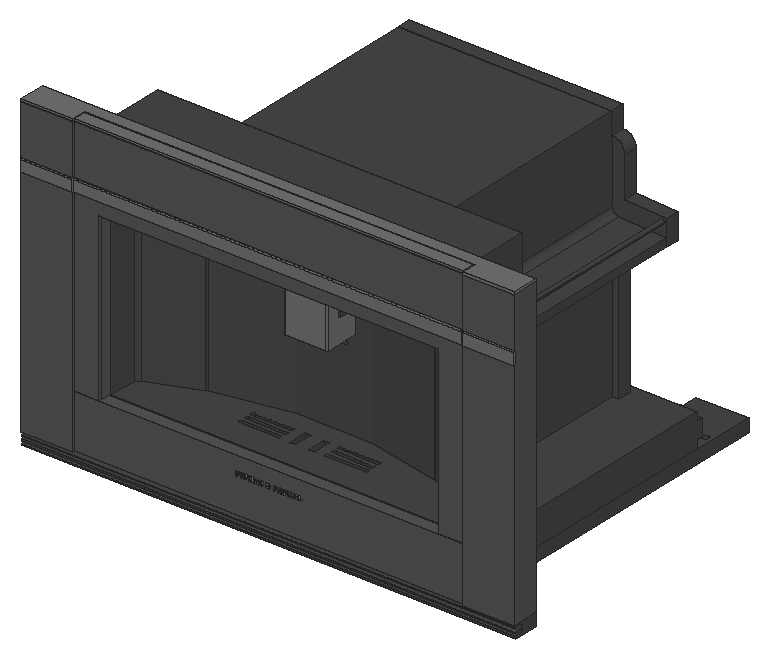
Revit family "FP_Revit_18_EB24DSXBB1_w_TK30NDBB1_Coffee_Maker_w_30in_Trimkit_90000808A", category Specialty Equipment, Revit 2018
Family settings
  Round Connector Dimension = Use Diameter
  Part Type = Normal
  OmniClass Number = 23.40.40.14.17.31
  OmniClass Title = Small Specialized Cooking Equipment
  Work Plane-Based = No
  Always vertical = Yes
  Cut with Voids When Loaded = Yes
  Shared = No
  Room Calculation Point = No
Parameters (values of type "EB24DSXBB1 + TK30NDBB1")
  Visibility - Clearance Required = yes
  URL = "www.fisherpaykel.com"
  Product - Width = 757 mm  # constant formula
  Product - Height = 478 mm  # constant formula
  Product - Depth = 614 mm  # constant formula
  Model = "EB24DSXBB1 + TK30NDBB1"
  Material - Trim = Fisher & Paykel - Aluminium, Dark
  Material - Glass = Fisher & Paykel - Glass, Black
  Material - Body = Fisher & Paykel - Black
  Manufacturer = "Fisher & Paykel Appliances"
  FFL Offset [instance] = 900 mm
  Description = "24\" Coffee Maker + 30\" Trimkit"
  Connector Description - Electrical = "120 V, 60 Hz, 11.25 A"
  Chassis - Width = 560 mm  # constant formula
  Chassis - Height = 446 mm  # constant formula
  Chassis - Depth = 540 mm  # constant formula
  Cavity - Width = 560 mm  # constant formula
  Cavity - Height = 480 mm  # constant formula
  Cavity - Depth = 560 mm  # constant formula
Reference planes
  plane 1 "Center (Front/Back)": y = 0
  plane 2: z = 0
  plane 3 "Center (Left/Right)": x = 0
  plane 4: z = 1380
  plane 5: z = 1378
  plane 6 "Product LHS": x = -378.5
  plane 7 "Product RHS": x = 378.5
  plane 8 "Product - Depth": y = 0
  plane 9 "Cavity LHS": x = -380
  plane 10 "Cavity RHS": x = 380
  plane 11 "Cavity - Depth": y = 560
  plane 12 "Front Face": y = -41.5
  plane 13 "Chassis - Height": z = 0
  plane 14 "Product Depth": y = 540
  plane 15 "FFL Offset": z = 900
Forms (mm)
  Extrusion 1, void
    sketch origin (0, 0, 0) x (0, 1, 0) y (0, 0, 1)
      loop
        line (-41.5, 1380) -> (-41.5, 900) -> (0, 900) -> (0, 1380) -> (-41.5, 1380)
    from -380 to 380
  Extrusion 2, void
    sketch origin (0, 0, 0) x (0, 1, 0) y (0, 0, 1)
      loop
        line (560, 1370) -> (0, 1370) -> (0, 900) -> (560, 900) -> (560, 1370)
    from -280 to 280
Text (mm)
  text "Due to ongoing product development, product details are subject to change without notice. \nPlease always refer to www.fisherpaykel.com for the most current product information. \n© Fisher & Paykel 2020" at (41.04, -413.295, 0), in view "Ref. Level (Plan)"
Dimensions and locks
  equal spacing: plane 6 "Product LHS", plane 3 "Center (Left/Right)", plane 7 "Product RHS"
  "Product - Width": plane 6 "Product LHS" to plane 7 "Product RHS"
  equal spacing: plane 9 "Cavity LHS", plane 3 "Center (Left/Right)", plane 10 "Cavity RHS"
  locked: plane 9 "Cavity LHS" to plane 10 "Cavity RHS" at 760
  plane 12 "Front Face" to plane 1 "Center (Front/Back)" = 41.5 mm
  "Chassis - Depth": plane 1 "Center (Front/Back)" to plane 14 "Product Depth"
  "FFL Offset": plane 15 "FFL Offset" to level
  "Cavity - Depth": plane 1 "Center (Front/Back)" to plane 11 "Cavity - Depth"
  "Product - Height": plane 5 to plane 15 "FFL Offset"
  "Cavity - Height": plane 4 to plane 15 "FFL Offset"
  "Cavity - Width": Extrusion 2 to Extrusion 2
  aligned and locked: level to plane 2
  aligned and locked: plane 15 "FFL Offset" to nested 2
  aligned and locked: nested 2 to plane 8 "Product - Depth"
  aligned and locked: plane 12 "Front Face" to nested 2
  aligned and locked: plane 12 "Front Face" to Extrusion 1 sketch curve
  aligned and locked: Extrusion 1 sketch curve to plane 8 "Product - Depth"
  aligned and locked: plane 15 "FFL Offset" to Extrusion 1 sketch curve
  aligned and locked: Extrusion 1 sketch curve to plane 4
  aligned and locked: Extrusion 1 to plane 10 "Cavity RHS"
  aligned and locked: plane 9 "Cavity LHS" to Extrusion 1
  aligned and locked: Extrusion 2 sketch curve to plane 8 "Product - Depth"
  aligned and locked: Extrusion 2 sketch curve to plane 15 "FFL Offset"
  aligned and locked: plane 11 "Cavity - Depth" to Extrusion 2 sketch curve
  aligned and locked: Extrusion 2 sketch curve to nested 2
Nested families
  nested 1: "FP_Revit_18_EB24DSXBB1_Coffee_Maker_90000808A" at (0, -19.5, 20), FFL Offset <- "FFL Offset", type "EB24DSXBB1"
    with FFL Offset 900 mm
  nested 2: "FP_Revit_18_TK30ND_Trimkits_90001187A" at (0, 0, 0), FFL Offset <- "FFL Offset", type "TK30NDBB1"
    with FFL Offset 900 mm
Connectors
  electrical at (95.857, 411.31, 1063), driven by "Connector Description - Electrical"
    settings: on nested 1, index 1, voltage 120 V, apparent load 0 VA, apparent load phase1 0 VA, apparent load phase2 0 VA, apparent load phase3 0 VA, power factor 1, load classification "Other", number of poles 1, system type 30, power factor state 1, is connector primary yes, connector utility no, sub classification motor no, connector description "120 V, 60 Hz, 11.25 A"
Definition of nested family "FP_Revit_18_EB24DSXBB1_Coffee_Maker_90000808A"
  Parameters (values of type "EB24DSXB1")
    Visibility - Clearance Required = yes
    URL = "www.fisherpaykel.com"
    Product - Width = 596 mm  # constant formula
    Product - Height = 458 mm  # constant formula
    Product - Depth = 480 mm  # constant formula
    Model = "EB24DSXB1"
    Material - Trim = none
    Material - Glass = none
    Material - Body = none
    Manufacturer = "Fisher & Paykel Appliances"
    FFL Offset [instance] = 860 mm
    Description = "24cm Coffee Maker"
    Connector Description - Electrical = "120 V, 60 Hz, 11.25 A"
    Chassis - Width = 560 mm  # constant formula
    Chassis - Height = 445 mm  # constant formula
    Chassis - Depth = 460 mm  # constant formula
    Cavity - Width = 600 mm  # constant formula
    Cavity - Height = 460 mm  # constant formula
    Cavity - Depth = 545 mm  # constant formula
  Types (4, lengths in mm): name | Model | Description | Connector Description - Electrical
    EB60DSXBB1 | "EB60DSXBB1" | "60cm Coffee Maker" | "220-240 V, 50 Hz, 6.1 A"
    EB60DSXB2 | "EB60DSXB2" | "60cm Coffee Maker" | "220-240 V, 50 Hz, 6.1 A"
    EB24DSXBB1 | "EB24DSXBB1" | "24cm Coffee Maker" | "120 V, 60 Hz, 11.25 A"
    EB24DSXB1 | "EB24DSXB1" | "24cm Coffee Maker" | "120 V, 60 Hz, 11.25 A"
  Reference planes
    plane 1 "Center (Front/Back)": y = 0
    plane 2: z = 0
    plane 3 "Center (Left/Right)": x = 0
    plane 4: z = 1320
    plane 5: z = 1318
    plane 6 "Product LHS": x = -298
    plane 7 "Product RHS": x = 298
    plane 8 "Cavity LHS": x = -300
    plane 9 "Cavity RHS": x = 300
    plane 10 "Cavity - Depth": y = 545
    plane 11 "Front Face": y = -20
    plane 12 "Product Depth": y = 460
    plane 13 "FFL Offset": z = 860
  Forms (mm)
    Extrusion 1, solid, material <- "Material - Glass", detail levels fine
      sketch origin (0, 0, 915) x (0, 1, 0) y (0, 0, 1)
        loop
          line (0, -54) -> (0, 400) -> (-18.19, 400)
          arc (-18.19, 400) -> (-19.179, 399.792) -> (-20, 399.202) r 2.451
          line (-20, 399.202) -> (-20, 28.9) -> (-13, 28.9) -> (-13, 27.85) -> (-20, 27.85) -> (-20, -54) -> (0, -54)
      from -298 to 298
    Extrusion 2, solid, material <- "Material - Trim", detail levels fine
      sketch origin (0, 0, 0) x (0, 1, 0) y (0, 0, 1)
        loop
          line (0, 1318) -> (-20, 1318) -> (-20, 1315) -> (0, 1315) -> (0, 1318)
      from -298 to 298
    Extrusion 3, solid, material <- "Material - Trim", detail levels fine
      sketch origin (0, 0, 915) x (0, 1, 0) y (0, 0, 1)
        loop
          line (-20, 303) -> (-20, 322.8) -> (-20.827, 322.8) -> (-21.702, 320.52) -> (-21.702, 303) -> (-20, 303)
      from -298 to 298
    Extrusion 4, solid, material <- "Material - Body"
      sketch origin (0, 0, 0) x (0, 1, 0) y (0, 0, 1)
        loop
          line (116.01, 911.9) -> (116.01, 1305) -> (0, 1305) -> (0, 860) -> (450.02, 860) -> (450.02, 872.9) -> (460, 872.9) -> (460, 898.96) -> (450.02, 898.96) -> (450.02, 911.9) -> (116.01, 911.9)
      from -280 to 280
    Extrusion 5, solid, material <- "Material - Body", detail levels fine
      sketch origin (0, 0, 915) x (1, 0, 0) y (0, 0, 1)
        loop
          circle (255.488, 264.858) r 3
        loop
          arc (187.564, 248.08) -> (180.801, 250.881) -> (178, 257.644) r 9.564
          line (178, 257.644) -> (178, 390) -> (-150, 390) -> (-150, 258.403)
          arc (-150, 258.403) -> (-152.821, 251.442) -> (-159.691, 248.408) r 10
          line (-159.691, 248.408) -> (-261.967, 245.247) -> (-261.967, 232.285) -> (-159.605, 228.24)
          arc (-159.605, 228.24) -> (-152.791, 225.178) -> (-150, 218.248) r 10
          line (-150, 218.248) -> (-150, -3.1) -> (178, -3.1) -> (178, 219.061)
          arc (178, 219.061) -> (180.801, 225.824) -> (187.564, 228.625) r 9.564
          line (187.564, 228.625) -> (261.48, 231.852) -> (261.48, 244.856) -> (187.564, 248.08)
        loop
          circle (-255.488, 265.27) r 3
      from -415.81 to -116.01
    Extrusion 6, solid, material <- "Material - Body", detail levels fine
      sketch origin (0, 0, 0) x (1, 0, 0) y (0, 0, 1)
        loop
          line (261.48, 1185.549) -> (197.977, 1189.414) -> (197.977, 1250.8)
          arc (197.977, 1250.8) -> (192.126, 1264.926) -> (178, 1270.777) r 19.977
          line (178, 1270.777) -> (178, 1305) -> (-150.023, 1305) -> (-150.023, 1270.366)
          arc (-150.023, 1270.366) -> (-164.149, 1264.514) -> (-170, 1250.389) r 19.977
          line (-170, 1250.389) -> (-170, 1189.558) -> (-261.967, 1185.943) -> (-261.967, 1147.299) -> (-170, 1143.699) -> (-170, 860) -> (-120, 860) -> (-120, 1262.538) -> (145.224, 1262.538) -> (145.224, 911.9) -> (188.072, 911.9) -> (188.072, 1143.699) -> (261.48, 1146.905) -> (261.48, 1185.549)
      from -436.81 to -415.81
    Extrusion 7, void
      sketch origin (0, 0, 0) x (1, 0, 0) y (0, 1, 0)
        loop
          line (-261, -20.25) -> (261, -20.25) -> (261, -16.15) -> (258.097, 43.307)
          arc (258.097, 43.307) -> (256.532, 47.844) -> (252.912, 50.994) r 9.287
          arc (252.912, 50.994) -> (215.2, 66.982) -> (176.484, 80.359) r 600.007
          line (176.484, 80.359) -> (176.484, 87.818) -> (173.853, 87.818) -> (173.853, 81.162)
          arc (173.853, 81.162) -> (0, 106.902) -> (-173.853, 81.162) r 600.007
          line (-173.853, 81.162) -> (-173.853, 87.818) -> (-176.484, 87.818) -> (-176.484, 80.359)
          arc (-176.484, 80.359) -> (-215.2, 66.982) -> (-252.912, 50.994) r 600.007
          arc (-252.912, 50.994) -> (-256.532, 47.844) -> (-258.097, 43.307) r 9.287
          line (-258.097, 43.307) -> (-261, -16.15) -> (-261, -20.25)
      from 942.8 to 1197.8
    Extrusion 8, void
      sketch origin (0, 0, 0) x (1, 0, 0) y (0, 1, 0)
        loop
          arc (-96.162, 73.7) -> (-99.162, 70.7) -> (-96.162, 67.7) r 3
          line (-96.162, 67.7) -> (-36.788, 67.7)
          arc (-36.788, 67.7) -> (-33.788, 70.7) -> (-36.788, 73.7) r 3
          line (-36.788, 73.7) -> (-96.162, 73.7)
        loop
          arc (-96.162, 61.7) -> (-99.162, 58.7) -> (-96.162, 55.7) r 3
          line (-96.162, 55.7) -> (-36.788, 55.7)
          arc (-36.788, 55.7) -> (-33.788, 58.7) -> (-36.788, 61.7) r 3
          line (-36.788, 61.7) -> (-96.162, 61.7)
        loop
          arc (-96.162, 49.7) -> (-99.162, 46.7) -> (-96.162, 43.7) r 3
          line (-96.162, 43.7) -> (-36.788, 43.7)
          arc (-36.788, 43.7) -> (-33.788, 46.7) -> (-36.788, 49.7) r 3
          line (-36.788, 49.7) -> (-96.162, 49.7)
        loop
          line (-19.49, 73.102) -> (-19.49, 44.102) -> (-10.49, 44.102) -> (-10.49, 73.102) -> (-19.49, 73.102)
        loop
          line (96.162, 73.7) -> (36.788, 73.7)
          arc (36.788, 73.7) -> (33.788, 70.7) -> (36.788, 67.7) r 3
          line (36.788, 67.7) -> (96.162, 67.7)
          arc (96.162, 67.7) -> (99.162, 70.7) -> (96.162, 73.7) r 3
        loop
          line (96.162, 61.7) -> (36.788, 61.7)
          arc (36.788, 61.7) -> (33.788, 58.7) -> (36.788, 55.7) r 3
          line (36.788, 55.7) -> (96.162, 55.7)
          arc (96.162, 55.7) -> (99.162, 58.7) -> (96.162, 61.7) r 3
        loop
          line (96.162, 49.7) -> (36.788, 49.7)
          arc (36.788, 49.7) -> (33.788, 46.7) -> (36.788, 43.7) r 3
          line (36.788, 43.7) -> (96.162, 43.7)
          arc (96.162, 43.7) -> (99.162, 46.7) -> (96.162, 49.7) r 3
        loop
          line (19.49, 73.102) -> (10.49, 73.102) -> (10.49, 44.102) -> (19.49, 44.102) -> (19.49, 73.102)
      from 932.9 to 942.8
    Extrusion 9, solid, material <- "Material - Body"
      sketch origin (0, 0, 0) x (1, 0, 0) y (0, 1, 0)
        loop
          line (-238.877, 57.3) -> (238.036, 57.3) -> (238.036, 116.01) -> (-238.877, 116.01) -> (-238.877, 57.3)
      from 1171.8 to 1197.8
    Extrusion 10, solid, material <- "Material - Trim"
      sketch origin (0, 0, 0) x (1, 0, 0) y (0, 1, 0)
        loop
          line (-33, 105.99) -> (-33, 52.807)
          arc (-33, 52.807) -> (-32.412, 51.388) -> (-30.993, 50.8) r 2.007
          line (-30.993, 50.8) -> (31, 50.8)
          arc (31, 50.8) -> (32.414, 51.386) -> (33, 52.8) r 2
          line (33, 52.8) -> (33, 105.99) -> (-33, 105.99)
      from 1083.8 to 1183.5
    Extrusion 11, void
      sketch origin (0, 0, 0) x (1, 0, 0) y (0, 0, 1)
        loop
          line (-19.5, 1083.8) -> (-19.5, 1061.827) -> (19.5, 1061.827) -> (19.5, 1083.8) -> (-19.5, 1083.8)
      from -115 to -105
    Extrusion 12, solid, material <- "Material - Body", detail levels fine
      sketch origin (0, 0, 0) x (1, 0, 0) y (0, 0, 1)
        loop
          line (45.9, 1172.885) -> (45.9, 1163.535) -> (47.549, 1163.535) -> (47.549, 1147.911)
          arc (47.549, 1147.911) -> (55.35, 1140.11) -> (63.15, 1147.911) r 7.801
          line (63.15, 1147.911) -> (63.15, 1163.235) -> (73.436, 1163.235) -> (73.436, 1172.885) -> (45.9, 1172.885)
      from -106.934 to -61.01
    Extrusion 13, solid, material <- "Material - Body", detail levels fine
      sketch origin (0, 0, 915) x (1, 0, 0) y (0, 0, 1)
        loop
          line (53.653, 257.885) -> (53.653, 225.297)
          arc (53.653, 225.297) -> (55.35, 225.11) -> (57.047, 225.297) r 7.805
          line (57.047, 225.297) -> (57.047, 257.885) -> (53.653, 257.885)
      from -61.01 to -47.51
    Extrusion 14, solid, material <- "Material - Body", detail levels fine
      sketch origin (0, 0, 915) x (1, 0, 0) y (0, 0, 1)
        loop
          line (115.224, 76.056) -> (75.224, 76.056) -> (75.224, 21.056) -> (115.224, 21.056) -> (115.224, 76.056)
      from -417 to -415.81
    Extrusion 15, solid, material <- "Material - Body", detail levels fine
      sketch origin (0, 0, 915) x (1, 0, 0) y (0, 0, 1)
        loop
          line (107.224, 68.056) -> (83.224, 68.056) -> (83.224, 29.056) -> (107.224, 29.056) -> (107.224, 68.056)
      from -436.81 to -417
    Extrusion 16, solid, material <- "Material - Body", detail levels fine
      sketch origin (0, 0, 0) x (1, 0, 0) y (0, 1, 0)
        loop
          circle (95.857, 430.81) r 5
      from 983.056 to 1003
    Extrusion 17, void
      sketch origin (0, 0, 915) x (0, 1, 0) y (0, 0, 1)
        loop
          line (445.9, -19.903) -> (0, -19.903) -> (0, -55) -> (445.9, -55) -> (445.9, -19.903)
      from -54 to 54
    Extrusion 18, solid, detail levels fine
      sketch origin (0, 0, 0) x (1, 0, 0) y (0, 1, 0)
        loop
          line (-210.55, 31.63) -> (-210.55, 5.8) -> (-193.27, 5.8) -> (-193.27, 31.63) -> (-210.55, 31.63)
        loop
          line (-203.25, 13.924) -> (-203.25, 14.725)
          arc (-203.25, 14.725) -> (-201.75, 22.856) -> (-200.25, 14.725) r 4.204
          line (-200.25, 14.725) -> (-200.25, 13.924)
          arc (-200.25, 13.924) -> (-201.75, 23.687) -> (-203.25, 13.924) r 4.997
        loop
          line (-202.15, 17.61) -> (-202.15, 12.8) -> (-201.35, 12.8) -> (-201.35, 17.61) -> (-202.15, 17.61)
      from 1196.9 to 1197.8
    Extrusion 19, solid, visible <- "Visibility - Clearance Required", detail levels coarse
      sketch origin (0, 0, 0) x (1, 0, 0) y (0, 1, 0)
        loop
          line (-300, 0) -> (-300, -20) -> (300, -20) -> (300, 0) -> (-300, 0)
      from 860 to 1320
    Extrusion 20, solid, visible <- "Visibility - Clearance Required", detail levels coarse
      sketch origin (0, 0, 0) x (1, 0, 0) y (0, 1, 0)
        loop
          line (-280, 0) -> (280, 0) -> (280, 545) -> (-280, 545) -> (-280, 0)
      from 860 to 1310
    Extrusion 21, solid, material <- "Material - Body", detail levels coarse+medium
      sketch origin (0, -20, 915) x (-1, 0, 0) y (0, 0, 1)
        loop
          line (-197.977, 274.414) -> (-261.48, 274.414) -> (-261.48, 228.699) -> (-188.072, 228.699) -> (-188.072, -3.1) -> (170, -3.1) -> (170, 228.699) -> (261.967, 228.699) -> (261.967, 274.558) -> (170, 274.558) -> (170, 390.05) -> (-197.977, 390.05) -> (-197.977, 274.414)
      from 136.01 to 456.81
    Extrusion 22, solid, material <- "Material - Glass", detail levels coarse+medium
      sketch origin (0, 0, 915) x (1, 0, 0) y (0, 0, 1)
        loop
          line (-298, -54) -> (298, -54) -> (298, 403) -> (-298, 403) -> (-298, -54)
        loop
          line (261, 282.85) -> (-261, 282.85) -> (-261, 27.85) -> (261, 27.85) -> (261, 282.85)
      from 0 to 20
    Extrusion 23, void
      sketch origin (0, 0, 0) x (1, 0, 0) y (0, 1, 0)
        loop
          line (-280, 545) -> (-280, 0) -> (280, 0) -> (280, 545) -> (-280, 545)
      from 860 to 1310
    Extrusion 24, void
      sketch origin (0, 0, 0) x (1, 0, 0) y (0, 1, 0)
        loop
          line (-300, 0) -> (-300, -20) -> (300, -20) -> (300, 0) -> (-300, 0)
      from 860 to 1320
  Cuts and joins
    Extrusion 7 cuts Extrusion 1
    Extrusion 7, Extrusion 8, Extrusion 11, Extrusion 17 cuts Extrusion 4
    joined: Extrusion 4, Extrusion 9
  Lines and regions (mm)
    model lines, detail levels medium+fine
      curve 1: line (-47, -20, 1293.952) -> (47, -20, 1293.952)
      curve 2: line (-47, -20, 1240.952) -> (-47, -20, 1293.952)
      curve 3: line (47, -20, 1240.952) -> (-47, -20, 1240.952)
      curve 4: line (47, -20, 1293.952) -> (47, -20, 1240.952)
  Text (mm)
    text "Due to ongoing product development, product details are subject to change without notice. \nPlease always refer to www.fisherpaykel.com for the most current product information. \n© Fisher & Paykel 2020" at (41.04, -248.295, 0), in view "Ref. Level (Plan)"
  Dimensions and locks
    equal spacing: plane 6 "Product LHS", plane 3 "Center (Left/Right)", plane 7 "Product RHS"
    "Product - Width": plane 6 "Product LHS" to plane 7 "Product RHS"
    equal spacing: plane 8 "Cavity LHS", plane 3 "Center (Left/Right)", plane 9 "Cavity RHS"
    "Cavity - Width": plane 8 "Cavity LHS" to plane 9 "Cavity RHS"
    "Cavity - Depth": plane 10 "Cavity - Depth" to plane 1 "Center (Front/Back)"
    plane 11 "Front Face" to plane 1 "Center (Front/Back)" = 20 mm
    "Chassis - Depth": plane 1 "Center (Front/Back)" to plane 12 "Product Depth"
    "Product - Depth": plane 12 "Product Depth" to plane 11 "Front Face"
    "Chassis - Width": cut or joined group of Extrusion 4, Extrusion 7, Extrusion 8, Extrusion 9, Extrusion 11, Extrusion 17 to cut or joined group of Extrusion 4, Extrusion 7, Extrusion 8, Extrusion 9, Extrusion 11, Extrusion 17
    "FFL Offset": plane 13 "FFL Offset" to level
    "Chassis - Height": cut or joined group of Extrusion 4, Extrusion 7, Extrusion 8, Extrusion 9, Extrusion 11, Extrusion 17 to plane 13 "FFL Offset"
    "Product - Height": plane 5 to plane 13 "FFL Offset"
    "Cavity - Height": plane 4 to plane 13 "FFL Offset"
    locked: Extrusion 23 to plane 13 "FFL Offset" at 450
    locked: plane 5 to Extrusion 21 at 12.95
    locked: Extrusion 3 to plane 13 "FFL Offset" at 358
    locked: plane 13 "FFL Offset" to cut or joined group of Extrusion 1, Extrusion 7 at 1
    locked: plane 13 "FFL Offset" to cut or joined group of Extrusion 4, Extrusion 7, Extrusion 8, Extrusion 9, Extrusion 11, Extrusion 17 at 82.8
    locked: plane 13 "FFL Offset" to Extrusion 22 sketch curve at 337.85
    locked: cut or joined group of Extrusion 4, Extrusion 7, Extrusion 8, Extrusion 9, Extrusion 11, Extrusion 17 to plane 13 "FFL Offset" at 337.8
    locked: cut or joined group of Extrusion 4, Extrusion 7, Extrusion 8, Extrusion 9, Extrusion 11, Extrusion 17 to plane 13 "FFL Offset" at 51.9
    locked: plane 5 to Extrusion 3 at 100
    locked: plane 5 to Extrusion 22 at 120.15
    locked: plane 5 to Extrusion 22 at 375.15
    locked: Extrusion 16 to plane 13 "FFL Offset" at 143
    locked: cut or joined group of Extrusion 4, Extrusion 7, Extrusion 8, Extrusion 9, Extrusion 11, Extrusion 17 to cut or joined group of Extrusion 4, Extrusion 7, Extrusion 8, Extrusion 9, Extrusion 11, Extrusion 17 at 9.9
    locked: nested 1 to plane 13 "FFL Offset" at 61.04
    locked: Extrusion 10 to plane 13 "FFL Offset" at 323.5
    locked: Extrusion 10 to plane 13 "FFL Offset" at 223.8
    locked: cut or joined group of Extrusion 4, Extrusion 7, Extrusion 8, Extrusion 9, Extrusion 11, Extrusion 17 to plane 13 "FFL Offset" at 201.827
    locked: cut or joined group of Extrusion 4, Extrusion 7, Extrusion 8, Extrusion 9, Extrusion 11, Extrusion 17 to plane 13 "FFL Offset" at 311.8
    locked: Extrusion 12 to plane 13 "FFL Offset" at 312.885
    locked: Extrusion 22 to Extrusion 18 at 0.95
    locked: plane 5 to Extrusion 23 at 8
    locked: Extrusion 17 sketch curve to plane 13 "FFL Offset" at 35.097
    plane 5 to curve 3 = 77.048 mm
    locked: plane 5 to curve 1 at 24.048
    locked: Extrusion 15 to plane 13 "FFL Offset" at 84.056
    locked: Extrusion 15 to plane 13 "FFL Offset" at 123.056
    locked: plane 5 to curve 3 at 77.048
    aligned and locked: level to plane 2
    aligned and locked: Extrusion 3 to plane 7 "Product RHS"
    aligned and locked: plane 6 "Product LHS" to Extrusion 3
    aligned and locked: Extrusion 2 to plane 7 "Product RHS"
    aligned and locked: plane 6 "Product LHS" to Extrusion 2
    aligned and locked: plane 6 "Product LHS" to Extrusion 1
    aligned and locked: Extrusion 1 to plane 7 "Product RHS"
    aligned and locked: plane 9 "Cavity RHS" to Extrusion 19 sketch curve
    aligned and locked: Extrusion 19 sketch curve to plane 8 "Cavity LHS"
    aligned and locked: plane 1 "Center (Front/Back)" to Extrusion 19 sketch curve
    aligned and locked: Extrusion 5 to cut or joined group of Extrusion 4, Extrusion 7, Extrusion 8, Extrusion 9, Extrusion 11, Extrusion 17
    aligned and locked: Extrusion 5 to Extrusion 4
    aligned and locked: Extrusion 6 to Extrusion 5
    aligned and locked: plane 4 to Extrusion 24
    aligned and locked: plane 5 to Extrusion 2
    aligned and locked: Extrusion 24 to Extrusion 19
    aligned and locked: plane 5 to Extrusion 22 sketch curve
    aligned and locked: Extrusion 21 to Extrusion 5
    aligned and locked: Extrusion 5 to Extrusion 6
    aligned and locked: Extrusion 8 to Extrusion 7
    aligned and locked: Extrusion 11 to Extrusion 10
    aligned and locked: cut or joined group of Extrusion 1, Extrusion 7 to Extrusion 18
    aligned and locked: Extrusion 19 to Extrusion 17
    aligned and locked: plane 13 "FFL Offset" to Extrusion 4 sketch curve
    aligned and locked: Extrusion 4 to Extrusion 17
    aligned and locked: Extrusion 23 to cut or joined group of Extrusion 4, Extrusion 7, Extrusion 8, Extrusion 9, Extrusion 11, Extrusion 17
    aligned and locked: cut or joined group of Extrusion 4, Extrusion 7, Extrusion 8, Extrusion 9, Extrusion 11, Extrusion 17 to Extrusion 6
    aligned and locked: Extrusion 24 to cut or joined group of Extrusion 4, Extrusion 7, Extrusion 8, Extrusion 9, Extrusion 11, Extrusion 17
    aligned and locked: Extrusion 20 to Extrusion 23
    aligned and locked: Extrusion 20 to Extrusion 6
    aligned and locked: Extrusion 7 to Extrusion 9
    aligned and locked: Extrusion 16 to Extrusion 15
  Automatic sketch dimensions
    Extrusion 3 sketch curve to Extrusion 3 sketch curve = 17.52 mm
    Extrusion 3 sketch curve to Extrusion 3 sketch curve = 0.875 mm
    Extrusion 3 sketch curve to Extrusion 3 sketch curve = 0.827 mm
    Extrusion 3 sketch curve to Extrusion 3 sketch curve = 2.28 mm
    Extrusion 7 sketch curve to Extrusion 7 sketch curve = 0 mm  (x4)
    Extrusion 7 sketch curve to plane 3 "Center (Left/Right)" = 0 mm
    Extrusion 7 sketch curve to plane 6 "Product LHS" = 124.147 mm
    Extrusion 7 sketch curve to Extrusion 7 sketch curve = 2.63 mm  (x2)
    Extrusion 7 sketch curve to plane 6 "Product LHS" = 49.167 mm
    Extrusion 7 sketch curve to Extrusion 7 sketch curve = 9.264 mm  (x2)
    Extrusion 7 sketch curve to plane 6 "Product LHS" = 37 mm
    plane 7 "Product RHS" to Extrusion 7 sketch curve = 124.147 mm
    plane 7 "Product RHS" to Extrusion 7 sketch curve = 49.167 mm
    plane 1 "Center (Front/Back)" to Extrusion 7 sketch curve = 16.15 mm
    plane 7 "Product RHS" to Extrusion 7 sketch curve = 37 mm
    plane 1 "Center (Front/Back)" to Extrusion 7 sketch curve = 493.105 mm
    Extrusion 7 sketch curve to plane 1 "Center (Front/Back)" = 42.65 mm  (x2)
    Extrusion 7 sketch curve to Extrusion 7 sketch curve = 0.657 mm  (x2)
    Extrusion 7 sketch curve to plane 1 "Center (Front/Back)" = 80.359 mm  (x2)
    Extrusion 7 sketch curve to Extrusion 7 sketch curve = 0.803 mm
    Extrusion 7 sketch curve to Extrusion 7 sketch curve = 6.656 mm  (x2)
    Extrusion 7 sketch curve to Extrusion 7 sketch curve = 4.1 mm  (x2)
    Extrusion 8 sketch curve to plane 3 "Center (Left/Right)" = 96.162 mm
    Extrusion 8 sketch curve to Extrusion 8 sketch curve = 0 mm  (x9)
    Extrusion 8 sketch curve to plane 3 "Center (Left/Right)" = 36.788 mm
    Extrusion 8 sketch curve to Extrusion 8 sketch curve = 17.298 mm  (x3)
    Extrusion 8 sketch curve to Extrusion 8 sketch curve = 9 mm  (x2)
    plane 3 "Center (Left/Right)" to Extrusion 8 sketch curve = 10.49 mm
    Extrusion 8 sketch curve to Extrusion 8 sketch curve = 59.375 mm
    Extrusion 8 sketch curve to plane 1 "Center (Front/Back)" = 43.7 mm  (x2)
    Extrusion 8 sketch curve to Extrusion 8 sketch curve = 0.402 mm
    Extrusion 8 sketch curve to Extrusion 8 sketch curve = 3 mm  (x6)
    Extrusion 8 sketch curve to Extrusion 8 sketch curve = 6 mm  (x4)
    Extrusion 8 sketch curve to Extrusion 8 sketch curve = 0.598 mm
    Extrusion 10 sketch curve to Extrusion 10 sketch curve = 2.007 mm
    Extrusion 10 sketch curve to Extrusion 10 sketch curve = 53.19 mm
    Extrusion 11 sketch curve to plane 3 "Center (Left/Right)" = 19.5 mm
    plane 3 "Center (Left/Right)" to Extrusion 11 sketch curve = 19.5 mm
    level to Extrusion 11 sketch curve = 1061.827 mm
    Extrusion 11 sketch curve to Extrusion 11 sketch curve = 21.973 mm
    Extrusion 12 sketch curve to Extrusion 12 sketch curve = 1.649 mm
    Extrusion 12 sketch curve to Extrusion 12 sketch curve = 7.801 mm
    Extrusion 12 sketch curve to Extrusion 12 sketch curve = 10.286 mm
    Extrusion 12 sketch curve to Extrusion 12 sketch curve = 15.324 mm
    Extrusion 12 sketch curve to Extrusion 12 sketch curve = 0.3 mm
    Extrusion 12 sketch curve to Extrusion 12 sketch curve = 9.35 mm
    Extrusion 13 sketch curve to Extrusion 13 sketch curve = 1.697 mm
    Extrusion 13 sketch curve to Extrusion 13 sketch curve = 7.618 mm
    Extrusion 13 sketch curve to Extrusion 13 sketch curve = 24.97 mm
    Extrusion 13 sketch curve to Extrusion 13 sketch curve = 3.394 mm
    Extrusion 14 sketch curve to Extrusion 14 sketch curve = 40 mm
    Extrusion 14 sketch curve to Extrusion 14 sketch curve = 55 mm
    Extrusion 15 sketch curve to Extrusion 15 sketch curve = 24 mm
    Extrusion 15 sketch curve to Extrusion 15 sketch curve = 39 mm
    level to Extrusion 17 sketch curve = 860 mm
    Extrusion 17 sketch curve to plane 1 "Center (Front/Back)" = 0 mm
    Extrusion 18 sketch curve to Extrusion 18 sketch curve = 7.3 mm
    Extrusion 18 sketch curve to Extrusion 18 sketch curve = 1.1 mm  (x2)
    Extrusion 18 sketch curve to Extrusion 18 sketch curve = 0.4 mm
    Extrusion 18 sketch curve to Extrusion 18 sketch curve = 0 mm
    Extrusion 18 sketch curve to Extrusion 18 sketch curve = 0.8 mm
    Extrusion 18 sketch curve to Extrusion 18 sketch curve = 8.08 mm
    Extrusion 18 sketch curve to Extrusion 18 sketch curve = 7 mm
    Extrusion 18 sketch curve to Extrusion 18 sketch curve = 1.124 mm
    Extrusion 18 sketch curve to Extrusion 18 sketch curve = 0.801 mm
    Extrusion 18 sketch curve to Extrusion 18 sketch curve = 2.885 mm
    Extrusion 18 sketch curve to Extrusion 18 sketch curve = 1.042 mm
    Extrusion 18 sketch curve to Extrusion 18 sketch curve = 0.038 mm
    Extrusion 18 sketch curve to Extrusion 18 sketch curve = 12.94 mm
    Extrusion 9 sketch curve to plane 6 "Product LHS" = 59.123 mm
    Extrusion 9 sketch curve to plane 1 "Center (Front/Back)" = 57.3 mm
    plane 7 "Product RHS" to Extrusion 9 sketch curve = 59.964 mm
    Extrusion 9 sketch curve to Extrusion 9 sketch curve = 58.71 mm
    plane 1 "Center (Front/Back)" to Extrusion 19 sketch curve = 20 mm
    Extrusion 17 sketch curve to plane 10 "Cavity - Depth" = 99.1 mm
    Extrusion 6 sketch curve to plane 6 "Product LHS" = 36.033 mm
    level to Extrusion 6 sketch curve = 860 mm
    Extrusion 6 sketch curve to plane 6 "Product LHS" = 128 mm
    Extrusion 6 sketch curve to Extrusion 6 sketch curve = 0 mm
    Extrusion 6 sketch curve to Extrusion 6 sketch curve = 19.977 mm
    Extrusion 6 sketch curve to Extrusion 6 sketch curve = 30.023 mm
    level to Extrusion 6 sketch curve = 911.9 mm
    plane 3 "Center (Left/Right)" to Extrusion 6 sketch curve = 145.224 mm
    Extrusion 6 sketch curve to plane 5 = 13 mm
    Extrusion 6 sketch curve to Extrusion 6 sketch curve = 32.776 mm
    Extrusion 6 sketch curve to Extrusion 6 sketch curve = 10.072 mm
    Extrusion 6 sketch curve to Extrusion 6 sketch curve = 9.905 mm
    plane 7 "Product RHS" to Extrusion 6 sketch curve = 36.52 mm
    Extrusion 6 sketch curve to Extrusion 6 sketch curve = 161.301 mm  (x2)
    Extrusion 6 sketch curve to Extrusion 6 sketch curve = 3.205 mm
    Extrusion 6 sketch curve to Extrusion 6 sketch curve = 3.6 mm
    Extrusion 6 sketch curve to Extrusion 6 sketch curve = 38.645 mm
    Extrusion 6 sketch curve to Extrusion 6 sketch curve = 38.644 mm
    Extrusion 6 sketch curve to Extrusion 6 sketch curve = 45.715 mm
    Extrusion 6 sketch curve to Extrusion 6 sketch curve = 45.858 mm
    Extrusion 6 sketch curve to Extrusion 6 sketch curve = 54.611 mm
    Extrusion 6 sketch curve to Extrusion 6 sketch curve = 54.2 mm
    Extrusion 6 sketch curve to Extrusion 6 sketch curve = 7.828 mm
    Extrusion 5 sketch curve to plane 6 "Product LHS" = 36.033 mm
    Extrusion 5 sketch curve to Extrusion 5 sketch curve = 6.478 mm
    Extrusion 5 sketch curve to Extrusion 5 sketch curve = 95.488 mm
    Extrusion 5 sketch curve to Extrusion 5 sketch curve = 0.309 mm  (x2)
    Extrusion 5 sketch curve to Extrusion 5 sketch curve = 0.395 mm
    Extrusion 5 sketch curve to Extrusion 5 sketch curve = 10 mm  (x2)
    plane 7 "Product RHS" to Extrusion 5 sketch curve = 120 mm  (x2)
    Extrusion 5 sketch curve to plane 5 = 13 mm
    Extrusion 5 sketch curve to Extrusion 5 sketch curve = 9.564 mm  (x2)
    plane 7 "Product RHS" to Extrusion 5 sketch curve = 42.512 mm
    Extrusion 5 sketch curve to Extrusion 5 sketch curve = 5.992 mm
    Extrusion 5 sketch curve to Extrusion 5 sketch curve = 171.752 mm
    Extrusion 5 sketch curve to Extrusion 5 sketch curve = 170.939 mm
    Extrusion 5 sketch curve to Extrusion 5 sketch curve = 3.227 mm
    Extrusion 5 sketch curve to Extrusion 5 sketch curve = 4.045 mm
    Extrusion 5 sketch curve to Extrusion 5 sketch curve = 13.004 mm
    Extrusion 5 sketch curve to Extrusion 5 sketch curve = 12.962 mm
    Extrusion 5 sketch curve to Extrusion 5 sketch curve = 20.168 mm
    Extrusion 5 sketch curve to Extrusion 5 sketch curve = 19.455 mm
    Extrusion 5 sketch curve to Extrusion 5 sketch curve = 20.001 mm
    Extrusion 5 sketch curve to Extrusion 5 sketch curve = 20.023 mm
    Extrusion 20 sketch curve to plane 10 "Cavity - Depth" = 0 mm
    plane 1 "Center (Front/Back)" to Extrusion 20 sketch curve = 0 mm
    Extrusion 20 sketch curve to plane 6 "Product LHS" = 18 mm
    plane 7 "Product RHS" to Extrusion 20 sketch curve = 18 mm
    level to Extrusion 5 sketch curve = 911.9 mm
    Extrusion 21 sketch curve to plane 5 = 12.95 mm
    plane 7 "Product RHS" to Extrusion 21 sketch curve = 100.023 mm
    Extrusion 21 sketch curve to Extrusion 21 sketch curve = 9.905 mm
    level to Extrusion 21 sketch curve = 911.9 mm
    Extrusion 21 sketch curve to plane 6 "Product LHS" = 128 mm  (x2)
    Extrusion 21 sketch curve to plane 6 "Product LHS" = 36.033 mm
    Extrusion 21 sketch curve to Extrusion 21 sketch curve = 161.351 mm  (x2)
    Extrusion 21 sketch curve to Extrusion 21 sketch curve = 45.858 mm
    plane 7 "Product RHS" to Extrusion 21 sketch curve = 36.52 mm
    Extrusion 21 sketch curve to Extrusion 21 sketch curve = 45.715 mm
    Extrusion 1 sketch curve to plane 11 "Front Face" = 0 mm  (x2)
    Extrusion 1 sketch curve to plane 1 "Center (Front/Back)" = 0 mm
    plane 11 "Front Face" to Extrusion 1 sketch curve = 1.81 mm
    plane 11 "Front Face" to Extrusion 1 sketch curve = 7 mm
    level to Extrusion 1 sketch curve = 861 mm
    Extrusion 1 sketch curve to Extrusion 1 sketch curve = 81.85 mm
    Extrusion 1 sketch curve to Extrusion 1 sketch curve = 1.05 mm
    Extrusion 1 sketch curve to plane 5 = 3 mm
    Extrusion 1 sketch curve to Extrusion 1 sketch curve = 2.451 mm
    Extrusion 23 sketch curve to plane 1 "Center (Front/Back)" = 0 mm
    plane 10 "Cavity - Depth" to Extrusion 23 sketch curve = 0 mm
    Extrusion 23 sketch curve to plane 6 "Product LHS" = 18 mm
    plane 7 "Product RHS" to Extrusion 23 sketch curve = 18 mm
    Extrusion 24 sketch curve to plane 8 "Cavity LHS" = 0 mm
    Extrusion 24 sketch curve to plane 9 "Cavity RHS" = 0 mm
    Extrusion 24 sketch curve to plane 1 "Center (Front/Back)" = 0 mm
    Extrusion 24 sketch curve to plane 11 "Front Face" = 0 mm
    Extrusion 2 sketch curve to plane 11 "Front Face" = 0 mm
    Extrusion 2 sketch curve to plane 1 "Center (Front/Back)" = 0 mm
    plane 13 "FFL Offset" to Extrusion 2 sketch curve = 455 mm
    Extrusion 2 sketch curve to Extrusion 2 sketch curve = 3 mm
    Extrusion 10 sketch curve to Extrusion 10 sketch curve = 61.993 mm
    Extrusion 10 sketch curve to Extrusion 10 sketch curve = 2 mm
    plane 6 "Product LHS" to Extrusion 22 sketch curve = 0 mm
    plane 7 "Product RHS" to Extrusion 22 sketch curve = 0 mm
    Extrusion 22 sketch curve to plane 6 "Product LHS" = 37 mm
    plane 7 "Product RHS" to Extrusion 22 sketch curve = 37 mm
    plane 13 "FFL Offset" to Extrusion 22 sketch curve = 82.85 mm
    plane 13 "FFL Offset" to Extrusion 22 sketch curve = 1 mm
    Extrusion 3 sketch curve to plane 11 "Front Face" = 0 mm
    Extrusion 3 sketch curve to plane 5 = 100 mm
    Extrusion 10 sketch curve to plane 3 "Center (Left/Right)" = 33 mm
    Extrusion 10 sketch curve to plane 1 "Center (Front/Back)" = 50.8 mm
    plane 3 "Center (Left/Right)" to Extrusion 12 sketch curve = 45.9 mm
    Extrusion 12 sketch curve to plane 5 = 170.089 mm
    plane 3 "Center (Left/Right)" to Extrusion 13 sketch curve = 53.653 mm
    Extrusion 13 sketch curve to plane 5 = 177.703 mm
    plane 3 "Center (Left/Right)" to Extrusion 14 sketch curve = 75.224 mm
    plane 13 "FFL Offset" to Extrusion 14 sketch curve = 76.056 mm
    plane 3 "Center (Left/Right)" to Extrusion 15 sketch curve = 83.224 mm
    plane 13 "FFL Offset" to Extrusion 15 sketch curve = 84.056 mm
    Extrusion 16 sketch curve to plane 12 "Product Depth" = 29.19 mm
    plane 3 "Center (Left/Right)" to Extrusion 16 sketch curve = 95.857 mm
    Extrusion 18 sketch curve to plane 1 "Center (Front/Back)" = 5.8 mm
    Extrusion 18 sketch curve to plane 6 "Product LHS" = 87.45 mm
    Extrusion 4 sketch curve to plane 1 "Center (Front/Back)" = 0 mm
    Extrusion 4 sketch curve to plane 12 "Product Depth" = 0 mm
    Extrusion 4 sketch curve to plane 5 = 13 mm
    Extrusion 4 sketch curve to plane 1 "Center (Front/Back)" = 116.01 mm
    Extrusion 4 sketch curve to plane 12 "Product Depth" = 9.98 mm
    Extrusion 4 sketch curve to Extrusion 4 sketch curve = 9.98 mm
    plane 13 "FFL Offset" to Extrusion 4 sketch curve = 12.9 mm
    Extrusion 4 sketch curve to Extrusion 4 sketch curve = 26.06 mm
    plane 13 "FFL Offset" to Extrusion 4 sketch curve = 51.9 mm
    plane 3 "Center (Left/Right)" to curve 1 = 47 mm
    curve 3 to plane 3 "Center (Left/Right)" = 47 mm
    radius of Extrusion 16 sketch curve = 5 mm
    radius of Extrusion 5 sketch curve = 3 mm  (x2)
  Nested families
    nested 1: "F&P Logo 100mm" at (0, -20, 915), type "F&P Logo 100mm", detail levels fine
  Connectors
    electrical at (95.857, 430.81, 1003), driven by "Connector Description - Electrical"
      settings: on Extrusion 16, index 1, voltage 120 V, apparent load 0 VA, apparent load phase1 0 VA, apparent load phase2 0 VA, apparent load phase3 0 VA, power factor 1, load classification none, number of poles 1, system type 30, power factor state 1, is connector primary yes, connector utility no, sub classification motor no, connector description "120 V, 60 Hz, 11.25 A"
  Definition of nested family "F&P Logo 100mm"
    Parameters (values of type "F&P Logo 100mm")
      URL = "www.fisherpaykel.com"
      Material - Logo = none
      Manufacturer = "Fisher & Paykel Appliances"
    Reference planes
      plane 1 "Center (Front/Back)": y = 0
      plane 2: z = 0
      plane 3 "Center (Left/Right)": x = 0
    Forms (mm)
      Extrusion 1, solid, material <- "Material - Logo", detail levels fine
        sketch origin (0, 0, 0) x (1, 0, 0) y (0, 0, 1)
          loop
            line (-50.044, 0) -> (-48.47, 0) -> (-48.47, 2.138) -> (-46.011, 2.138) -> (-46.011, 3.472) -> (-48.47, 3.472) -> (-48.47, 4.712) -> (-45.795, 4.712) -> (-45.795, 6.04) -> (-50.044, 6.04) -> (-50.044, 0)
          loop
            line (-42.804, 6.04) -> (-42.804, 0) -> (-41.23, 0) -> (-41.23, 6.04) -> (-42.804, 6.04)
          loop
            line (-30.724, 6.04) -> (-30.724, 0) -> (-29.151, 0) -> (-29.151, 2.42) -> (-26.839, 2.42) -> (-26.839, 0) -> (-25.265, 0) -> (-25.265, 6.04) -> (-26.839, 6.04) -> (-26.839, 3.748) -> (-29.151, 3.748) -> (-29.151, 6.04) -> (-30.724, 6.04)
          loop
            line (-21.906, 6.04) -> (-21.906, 0) -> (-17.602, 0) -> (-17.602, 1.328) -> (-20.347, 1.328) -> (-20.347, 2.42) -> (-17.838, 2.42) -> (-17.838, 3.748) -> (-20.347, 3.748) -> (-20.347, 4.712) -> (-17.602, 4.712) -> (-17.602, 6.04) -> (-21.906, 6.04)
          loop
            line (45.667, 6.04) -> (45.667, 0) -> (49.956, 0) -> (49.956, 1.328) -> (47.241, 1.328) -> (47.241, 6.04) -> (45.667, 6.04)
          loop
            line (42.431, 6.04) -> (38.112, 6.04) -> (38.112, 0) -> (42.431, 0) -> (42.431, 1.328) -> (39.687, 1.328) -> (39.687, 2.42) -> (42.195, 2.42) -> (42.195, 3.748) -> (39.687, 3.748) -> (39.687, 4.712) -> (42.431, 4.712) -> (42.431, 6.04)
          loop
            line (33.451, 3.148) -> (35.683, 6.04) -> (33.844, 6.04) -> (31.915, 3.542) -> (31.915, 6.04) -> (30.342, 6.04) -> (30.342, 0) -> (31.915, 0) -> (31.915, 2.705) -> (33.903, 0) -> (35.763, 0) -> (33.451, 3.148)
          loop
            line (21.98, 6.04) -> (24.262, 2.42) -> (24.262, 0) -> (25.837, 0) -> (25.837, 2.341) -> (28.119, 6.04) -> (26.446, 6.04) -> (25.099, 3.707) -> (23.753, 6.04) -> (21.98, 6.04)
          loop
            line (18.479, 6.04) -> (16.983, 6.04) -> (14.524, 0) -> (16.069, 0) -> (16.501, 1.112) -> (18.921, 1.112) -> (19.354, 0) -> (20.938, 0) -> (18.479, 6.04)
          loop
            line (18.4, 2.439) -> (17.693, 4.174) -> (17.018, 2.439) -> (18.4, 2.439)
          loop
            line (8.031, 6.04) -> (8.031, 0) -> (9.605, 0) -> (9.605, 1.938) -> (10.599, 1.938)
            arc (10.599, 1.938) -> (12.65, 3.989) -> (10.599, 6.04) r 2.051
            line (10.599, 6.04) -> (8.031, 6.04)
          loop
            line (9.605, 4.712) -> (9.605, 3.197) -> (10.501, 3.197)
            arc (10.501, 3.197) -> (11.259, 3.954) -> (10.501, 4.712) r 0.757
            line (10.501, 4.712) -> (9.605, 4.712)
          loop
            line (-11.783, 6.04) -> (-14.366, 6.04) -> (-14.366, 0) -> (-12.792, 0) -> (-12.792, 1.336) -> (-11.992, 1.336) -> (-10.972, 0) -> (-9.153, 0) -> (-10.694, 1.973)
            arc (-10.694, 1.973) -> (-9.678, 4.424) -> (-11.783, 6.04) r 2.179
          loop
            line (-11.897, 4.712) -> (-12.792, 4.712) -> (-12.792, 3.053) -> (-11.897, 3.053)
            arc (-11.897, 3.053) -> (-11.068, 3.882) -> (-11.897, 4.712) r 0.83
          loop
            line (0.477, 4.712) -> (0.477, 6.153) -> (-3.575, 6.153) -> (-3.575, 4.851) -> (-2.974, 4.112)
            arc (-2.974, 4.112) -> (-3.51, 0.684) -> (-0.045, 0.512) r 2.334
            line (-0.045, 0.512) -> (0.46, -0.109) -> (2.246, -0.109) -> (0.86, 1.594) -> (2.061, 3.324) -> (0.443, 3.324) -> (-0.013, 2.667) -> (-1.677, 4.712) -> (0.477, 4.712)
          loop
            arc (-2.125, 3.068) -> (-2.269, 1.668) -> (-0.868, 1.524) r 0.996
            line (-0.868, 1.524) -> (-2.125, 3.068)
          loop
            line (-35.18, 3.634) -> (-36.516, 3.91)
            arc (-36.516, 3.91) -> (-37.049, 4.443) -> (-36.516, 4.976) r 0.533
            arc (-36.516, 4.976) -> (-35.235, 4.79) -> (-34.059, 4.248) r 4.505
            line (-34.059, 4.248) -> (-34.059, 5.743)
            arc (-34.059, 5.743) -> (-35.549, 6.179) -> (-37.1, 6.109) r 4.726
            arc (-37.1, 6.109) -> (-38.536, 4.335) -> (-37.1, 2.561) r 1.814
            line (-37.1, 2.561) -> (-35.754, 2.282)
            arc (-35.754, 2.282) -> (-35.221, 1.749) -> (-35.754, 1.216) r 0.533
            arc (-35.754, 1.216) -> (-37.035, 1.402) -> (-38.211, 1.945) r 4.505
            line (-38.211, 1.945) -> (-38.211, 0.449)
            arc (-38.211, 0.449) -> (-36.72, 0.013) -> (-35.169, 0.083) r 4.726
            arc (-35.169, 0.083) -> (-33.734, 1.863) -> (-35.18, 3.634) r 1.814
        from 0 to 0.8
    Dimensions and locks
      aligned and locked: level to plane 2
Definition of nested family "FP_Revit_18_TK30ND_Trimkits_90001187A"
  Parameters (values of type "TK30NDBB1")
    Visibility - Clearance Required = yes
    URL = "www.fisherpaykel.com"
    Product - Width = 757 mm  # constant formula
    Product - Height = 478 mm  # constant formula
    Product - Depth = 571.5 mm  # constant formula
    Model = "TK30NDBB1"
    Material - Trim = none
    Material - Glass = none
    Material - Body = none
    Manufacturer = "Fisher & Paykel Appliances"
    FFL Offset [instance] = 860 mm
    Description = "30\" Trim Kit"
    Chassis - Width = 560 mm  # constant formula
    Chassis - Height = 20 mm  # constant formula
    Chassis - Depth = 530 mm  # constant formula
    Cavity - Width = 760 mm  # constant formula
    Cavity - Height = 480 mm  # constant formula
    Cavity - Depth = 560 mm  # constant formula
  Types (2, lengths in mm): name | Model
    TK30NDBB1 | "TK30NDBB1"
    TK30NDB1 | "TK30NDB1"
  Reference planes
    plane 1 "Center (Front/Back)": y = 0
    plane 2: z = 0
    plane 3 "Center (Left/Right)": x = 0
    plane 4: z = 1340
    plane 5: z = 1338
    plane 6 "Product LHS": x = -378.5
    plane 7 "Product RHS": x = 378.5
    plane 8 "Product - Depth": y = 530
    plane 9 "Cavity LHS": x = -380
    plane 10 "Cavity RHS": x = 380
    plane 11 "Cavity - Depth": y = 560
    plane 12 "Front Face": y = -41.5
    plane 13 "Chassis - Height": z = 880
    plane 14 "FFL Offset": z = 860
  Forms (mm)
    Extrusion 1, solid, material <- "Material - Glass", detail levels fine
      sketch origin (0, 0, 0) x (0, 1, 0) y (0, 0, 1)
        loop
          line (0, 1335) -> (-39.5, 1335)
          arc (-39.5, 1335) -> (-40.617, 1334.734) -> (-41.5, 1334) r 2.521
          line (-41.5, 1334) -> (-41.5, 880) -> (0, 880) -> (0, 1335)
      from -378.5 to 378.5
    Extrusion 2, solid, material <- "Material - Trim", detail levels fine
      sketch origin (0, 0, 0) x (0, 1, 0) y (0, 0, 1)
        loop
          line (0, 1338) -> (-41.5, 1338) -> (-41.5, 1335) -> (0, 1335) -> (0, 1338)
      from -378.5 to 378.5
    Extrusion 3, solid, material <- "Material - Body"
      sketch origin (0, 0, 0) x (1, 0, 0) y (0, 0, 1)
        loop
          line (280, 880) -> (200, 880) -> (200, 861) -> (176, 861) -> (176, 860) -> (280, 860) -> (280, 880)
        loop
          line (-280, 880) -> (-280, 860) -> (-176, 860) -> (-176, 861) -> (-200, 861) -> (-200, 880) -> (-280, 880)
      from -530 to 0
    Extrusion 4, void
      sketch origin (0, 0, 0) x (1, 0, 0) y (0, 1, 0)
        loop
          line (-300, -18.5) -> (-300, -43.192) -> (299.823, -43.192) -> (299.823, -18.5) -> (-300, -18.5)
      from 880 to 1338
    Extrusion 5, void
      sketch origin (0, 0, 0) x (0, 1, 0) y (0, 0, 1)
        loop
          line (-18.5, 880) -> (0, 880) -> (0, 1326.5) -> (-16, 1326.5) -> (-16, 1334) -> (-18.5, 1334) -> (-18.5, 880)
      from -283 to 283
    Extrusion 6, solid, material <- "Material - Trim", detail levels fine
      sketch origin (0, 0, 0) x (0, 1, 0) y (0, 0, 1)
        loop
          line (-41.5, 1257.8) -> (-42.3, 1257.8) -> (-43.192, 1255.35) -> (-43.192, 1238) -> (-41.5, 1238) -> (-41.5, 1257.8)
      from -378.5 to 378.5
    Extrusion 7, solid, material <- "Material - Body", detail levels fine
      sketch origin (0, 0, 15) x (0, 1, 0) y (0, 0, 1)
        loop
          line (-23.654, 865) -> (-39.5, 861.049) -> (-39.5, 858.901) -> (-26, 862.392) -> (-26, 858.092) -> (-39.5, 854.601) -> (-39.5, 852.601) -> (-26, 856.092) -> (-26, 851.848) -> (-39.5, 848.356) -> (-39.5, 846.348) -> (-34.47, 845) -> (0, 845) -> (0, 865) -> (-23.654, 865)
      from -378.5 to 378.5
    Extrusion 8, solid
      sketch origin (0, 0, 0) x (1, 0, 0) y (0, 0, 1)
        loop
          circle (-288, 1202) r 4
        loop
          circle (-288, 1012) r 4
        loop
          circle (288, 1202) r 4
        loop
          circle (288, 1012) r 4
      from 18.5 to 21.5
    Extrusion 9, void
      sketch origin (0, 0, 0) x (1, 0, 0) y (0, 1, 0)
        loop
          circle (-270, 70) r 5
        loop
          circle (-270, 460) r 5
        loop
          circle (270, 70) r 5
        loop
          circle (270, 460) r 5
      from 860 to 880
    Extrusion 10, void
      sketch origin (0, 0, 0) x (0, 1, 0) y (0, 0, 1)
        loop
          circle (460, 870) r 5
        loop
          circle (70, 870) r 5
      from -225 to 225
    Extrusion 11, solid, material <- "Material - Glass", detail levels coarse+medium
      sketch origin (0, 0, 0) x (0, 1, 0) y (0, 0, 1)
        loop
          line (-41.5, 1338) -> (-41.5, 880) -> (0, 880) -> (0, 1338) -> (-41.5, 1338)
      from -378.5 to 378.5
    Extrusion 12, solid, visible <- "Visibility - Clearance Required", detail levels coarse
      sketch origin (0, 0, 0) x (1, 0, 0) y (0, 1, 0)
        loop
          line (-280, 0) -> (280, 0) -> (280, 560) -> (-280, 560) -> (-280, 0)
      from 860 to 1330
    Extrusion 13, solid, visible <- "Visibility - Clearance Required", detail levels coarse
      sketch origin (0, 0, 0) x (1, 0, 0) y (0, 1, 0)
        loop
          line (-380, 0) -> (-380, -41.5) -> (380, -41.5) -> (380, 0) -> (-380, 0)
      from 860 to 1340
    Extrusion 14, void
      sketch origin (0, 0, 0) x (1, 0, 0) y (0, 1, 0)
        loop
          line (-280, 560) -> (-280, 0) -> (280, 0) -> (280, 560) -> (-280, 560)
      from 860 to 1330
    Extrusion 15, void
      sketch origin (0, 0, 0) x (1, 0, 0) y (0, 1, 0)
        loop
          line (-380, -41.5) -> (380, -41.5) -> (380, 0) -> (-380, 0) -> (-380, -41.5)
      from 860 to 1340
    Extrusion 16, solid, material <- "Material - Body", detail levels coarse+medium
      sketch origin (0, 0, 0) x (0, 1, 0) y (0, 0, 1)
        loop
          line (-41.5, 880) -> (-41.5, 860) -> (0, 860) -> (0, 880) -> (-41.5, 880)
      from -378.5 to 378.5
  Cuts and joins
    Extrusion 4, Extrusion 5 cuts Extrusion 1
    Extrusion 4 cuts Extrusion 6
    Extrusion 4 cuts Extrusion 2
    Extrusion 9, Extrusion 10 cuts Extrusion 3
    Extrusion 4, Extrusion 5 cuts Extrusion 11
  Text (mm)
    text "Due to ongoing product development, product details are subject to change without notice. \nPlease always refer to www.fisherpaykel.com for the most current product information. \n© Fisher & Paykel 2020" at (41.04, -248.295, 0), in view "Ref. Level (Plan)"
  Dimensions and locks
    equal spacing: plane 6 "Product LHS", plane 3 "Center (Left/Right)", plane 7 "Product RHS"
    "Product - Width": plane 6 "Product LHS" to plane 7 "Product RHS"
    equal spacing: plane 9 "Cavity LHS", plane 3 "Center (Left/Right)", plane 10 "Cavity RHS"
    "Cavity - Width": plane 9 "Cavity LHS" to plane 10 "Cavity RHS"
    "Cavity - Depth": plane 11 "Cavity - Depth" to plane 1 "Center (Front/Back)"
    "Chassis - Depth": plane 8 "Product - Depth" to plane 1 "Center (Front/Back)"
    "Product - Depth": plane 8 "Product - Depth" to plane 12 "Front Face"
    equal spacing: Extrusion 12, plane 3 "Center (Left/Right)", Extrusion 12
    "Chassis - Width": Extrusion 12 to Extrusion 12
    "Chassis - Height": plane 14 "FFL Offset" to plane 13 "Chassis - Height"
    "Product - Height": plane 5 to plane 14 "FFL Offset"
    "Cavity - Height": plane 4 to plane 14 "FFL Offset"
    Extrusion 10 sketch curve to plane 14 "FFL Offset" = 10 mm
    locked: plane 14 "FFL Offset" to Extrusion 8 sketch curve at 152
    locked: plane 14 "FFL Offset" to Extrusion 8 sketch curve at 342
    locked: plane 5 to Extrusion 14 at 8
    locked: plane 5 to cut or joined group of Extrusion 2, Extrusion 4 at 3
    locked: plane 5 to cut or joined group of Extrusion 4, Extrusion 5, Extrusion 11 at 11.5
    locked: cut or joined group of Extrusion 4, Extrusion 6 to plane 14 "FFL Offset" at 378
    "FFL Offset": plane 14 "FFL Offset" to level
    locked: cut or joined group of Extrusion 3, Extrusion 9, Extrusion 10 to plane 14 "FFL Offset" at 10
    aligned and locked: level to plane 2
    aligned and locked: plane 5 to Extrusion 2 sketch curve
    aligned and locked: plane 6 "Product LHS" to Extrusion 1
    aligned and locked: Extrusion 1 to plane 7 "Product RHS"
    aligned and locked: Extrusion 3 to plane 8 "Product - Depth"
    aligned and locked: Extrusion 2 to plane 7 "Product RHS"
    aligned and locked: plane 6 "Product LHS" to Extrusion 2
    aligned and locked: plane 5 to Extrusion 4
    aligned and locked: Extrusion 6 to plane 7 "Product RHS"
    aligned and locked: plane 6 "Product LHS" to Extrusion 6
    aligned and locked: plane 6 "Product LHS" to Extrusion 7
    aligned and locked: Extrusion 7 to plane 7 "Product RHS"
    aligned and locked: Extrusion 11 to plane 7 "Product RHS"
    aligned and locked: plane 6 "Product LHS" to Extrusion 11
    aligned and locked: plane 4 to Extrusion 13
    aligned and locked: Extrusion 15 sketch curve to plane 10 "Cavity RHS"
    aligned and locked: plane 9 "Cavity LHS" to Extrusion 15 sketch curve
    aligned and locked: plane 4 to Extrusion 15
    aligned and locked: plane 14 "FFL Offset" to Extrusion 3 sketch curve
    aligned and locked: plane 13 "Chassis - Height" to Extrusion 3 sketch curve
    aligned and locked: Extrusion 3 sketch curve to plane 13 "Chassis - Height"
    aligned and locked: Extrusion 3 sketch curve to plane 14 "FFL Offset"
    aligned and locked: Extrusion 11 to cut or joined group of Extrusion 1, Extrusion 4, Extrusion 5
    aligned and locked: Extrusion 12 to cut or joined group of Extrusion 3, Extrusion 9, Extrusion 10
    aligned and locked: Extrusion 12 to Extrusion 14
    aligned and locked: Extrusion 3 to Extrusion 9  (x2)
    aligned and locked: Extrusion 4 to Extrusion 5
    aligned and locked: plane 5 to Extrusion 2
    aligned and locked: Extrusion 14 to cut or joined group of Extrusion 3, Extrusion 9, Extrusion 10
    aligned and locked: Extrusion 7 sketch curve to plane 1 "Center (Front/Back)"
    aligned and locked: Extrusion 7 sketch curve to plane 13 "Chassis - Height"
    aligned and locked: Extrusion 7 sketch curve to plane 14 "FFL Offset"
    aligned and locked: Extrusion 11 to Extrusion 7
    aligned and locked: Extrusion 15 to Extrusion 7
    aligned and locked: Extrusion 15 to cut or joined group of Extrusion 3, Extrusion 9, Extrusion 10
    aligned and locked: Extrusion 11 to cut or joined group of Extrusion 3, Extrusion 9, Extrusion 10
    aligned and locked: Extrusion 4 to Extrusion 1
    aligned and locked: Extrusion 13 to Extrusion 7
    aligned and locked: Extrusion 16 sketch curve to cut or joined group of Extrusion 4, Extrusion 5, Extrusion 11  (x2)
    aligned and locked: Extrusion 12 to Extrusion 16 sketch curve
    aligned and locked: Extrusion 16 sketch curve to Extrusion 13
  Automatic sketch dimensions
    Extrusion 2 sketch curve to plane 1 "Center (Front/Back)" = 0 mm
    Extrusion 2 sketch curve to plane 5 = 3 mm
    plane 1 "Center (Front/Back)" to Extrusion 2 sketch curve = 41.5 mm
    Extrusion 1 sketch curve to plane 1 "Center (Front/Back)" = 0 mm
    plane 12 "Front Face" to Extrusion 1 sketch curve = 2 mm
    plane 12 "Front Face" to Extrusion 1 sketch curve = 2.011 mm
    Extrusion 1 sketch curve to Extrusion 1 sketch curve = 2.521 mm
    Extrusion 1 sketch curve to plane 12 "Front Face" = 0 mm
    Extrusion 5 sketch curve to plane 1 "Center (Front/Back)" = 0 mm
    plane 1 "Center (Front/Back)" to Extrusion 5 sketch curve = 16 mm
    level to Extrusion 5 sketch curve = 880 mm
    Extrusion 5 sketch curve to plane 5 = 11.5 mm
    Extrusion 5 sketch curve to plane 5 = 4 mm
    plane 1 "Center (Front/Back)" to Extrusion 5 sketch curve = 18.5 mm
    Extrusion 6 sketch curve to plane 12 "Front Face" = 0 mm
    Extrusion 6 sketch curve to Extrusion 6 sketch curve = 0.8 mm
    Extrusion 6 sketch curve to Extrusion 6 sketch curve = 1.692 mm
    Extrusion 6 sketch curve to plane 5 = 100 mm
    Extrusion 6 sketch curve to Extrusion 6 sketch curve = 17.35 mm
    Extrusion 6 sketch curve to Extrusion 6 sketch curve = 2.45 mm
    Extrusion 4 sketch curve to plane 12 "Front Face" = 1.692 mm
    Extrusion 4 sketch curve to plane 6 "Product LHS" = 78.5 mm
    plane 7 "Product RHS" to Extrusion 4 sketch curve = 78.677 mm
    plane 1 "Center (Front/Back)" to Extrusion 4 sketch curve = 18.5 mm
    level to Extrusion 1 sketch curve = 880 mm
    Extrusion 8 sketch curve to plane 6 "Product LHS" = 90.5 mm  (x2)
    plane 7 "Product RHS" to Extrusion 8 sketch curve = 90.5 mm  (x2)
    Extrusion 9 sketch curve to plane 6 "Product LHS" = 108.5 mm  (x2)
    plane 7 "Product RHS" to Extrusion 9 sketch curve = 108.5 mm  (x2)
    Extrusion 9 sketch curve to plane 1 "Center (Front/Back)" = 70 mm  (x2)
    Extrusion 9 sketch curve to plane 8 "Product - Depth" = 70 mm  (x2)
    Extrusion 1 sketch curve to plane 5 = 5.521 mm
    Extrusion 12 sketch curve to plane 11 "Cavity - Depth" = 0 mm
    plane 1 "Center (Front/Back)" to Extrusion 12 sketch curve = 0 mm
    Extrusion 12 sketch curve to plane 6 "Product LHS" = 98.5 mm
    plane 7 "Product RHS" to Extrusion 12 sketch curve = 98.5 mm
    Extrusion 13 sketch curve to plane 9 "Cavity LHS" = 0 mm
    Extrusion 13 sketch curve to plane 10 "Cavity RHS" = 0 mm
    plane 1 "Center (Front/Back)" to Extrusion 13 sketch curve = 0 mm
    Extrusion 13 sketch curve to plane 12 "Front Face" = 0 mm
    plane 1 "Center (Front/Back)" to Extrusion 14 sketch curve = 0 mm
    Extrusion 14 sketch curve to plane 11 "Cavity - Depth" = 0 mm
    Extrusion 14 sketch curve to plane 6 "Product LHS" = 98.5 mm
    plane 7 "Product RHS" to Extrusion 14 sketch curve = 98.5 mm
    Extrusion 15 sketch curve to plane 12 "Front Face" = 0 mm
    Extrusion 15 sketch curve to Extrusion 15 sketch curve = 41.5 mm
    Extrusion 3 sketch curve to plane 6 "Product LHS" = 98.5 mm
    plane 14 "FFL Offset" to Extrusion 3 sketch curve = 1 mm  (x2)
    Extrusion 3 sketch curve to Extrusion 3 sketch curve = 80 mm  (x2)
    Extrusion 3 sketch curve to Extrusion 3 sketch curve = 24 mm  (x2)
    plane 3 "Center (Left/Right)" to Extrusion 3 sketch curve = 176 mm
    Extrusion 8 sketch curve to plane 5 = 136 mm
    Extrusion 8 sketch curve to plane 13 "Chassis - Height" = 132 mm
    Extrusion 11 sketch curve to plane 13 "Chassis - Height" = 0 mm
    Extrusion 11 sketch curve to plane 5 = 0 mm
    Extrusion 11 sketch curve to plane 1 "Center (Front/Back)" = 0 mm
    Extrusion 11 sketch curve to plane 12 "Front Face" = 0 mm
    plane 12 "Front Face" to Extrusion 7 sketch curve = 17.846 mm
    plane 13 "Chassis - Height" to Extrusion 7 sketch curve = 2.608 mm
    Extrusion 7 sketch curve to Extrusion 7 sketch curve = 2.346 mm
    Extrusion 7 sketch curve to Extrusion 7 sketch curve = 0 mm
    plane 12 "Front Face" to Extrusion 7 sketch curve = 7.03 mm
    plane 12 "Front Face" to Extrusion 7 sketch curve = 2 mm  (x3)
    plane 14 "FFL Offset" to Extrusion 7 sketch curve = 1.348 mm
    Extrusion 7 sketch curve to Extrusion 7 sketch curve = 2.009 mm
    plane 14 "FFL Offset" to Extrusion 7 sketch curve = 6.848 mm
    Extrusion 7 sketch curve to Extrusion 7 sketch curve = 4.244 mm  (x2)
    Extrusion 7 sketch curve to Extrusion 7 sketch curve = 2 mm  (x2)
    Extrusion 7 sketch curve to Extrusion 7 sketch curve = 4.3 mm
    Extrusion 7 sketch curve to Extrusion 7 sketch curve = 2.148 mm
    Extrusion 10 sketch curve to plane 8 "Product - Depth" = 70 mm
    plane 13 "Chassis - Height" to Extrusion 10 sketch curve = 10 mm
    Extrusion 10 sketch curve to plane 1 "Center (Front/Back)" = 70 mm
    radius of Extrusion 8 sketch curve = 4 mm  (x4)
    radius of Extrusion 9 sketch curve = 5 mm  (x4)
    radius of Extrusion 10 sketch curve = 5 mm  (x2)
